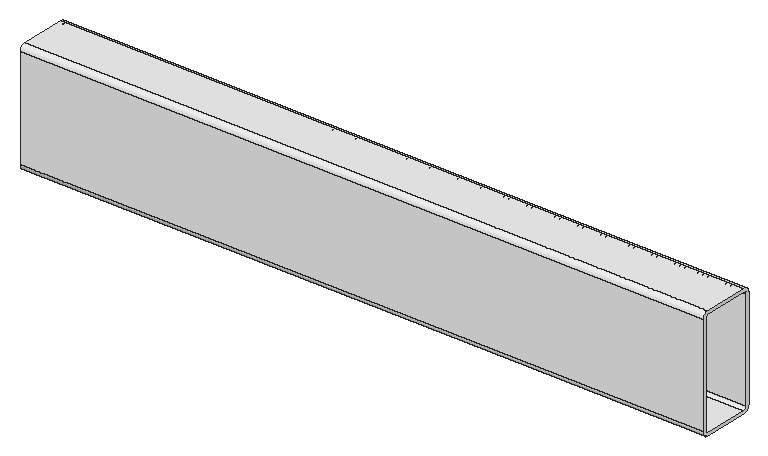
Revit family "RHS-Rectangular Hollow Section", category Structural Framing, Revit 2023
Family settings
  Structural Framing Length Roundoff = 0 mm
  Section Shape = Not Defined
  Material for Model Behavior = Steel
  Always export as geometry = No
  OmniClass Number = 23.25.30.11.14.14
  OmniClass Title = Beams
  Always vertical = Yes
  Cut with Voids When Loaded = No
  Symbolic Representation = From Project Settings
  Shared = No
  Show family pre-cut in plan views = Yes
Parameters (values of type "200x100x5RHS")
  Structural Material [instance] = Steel, 45-345
  Perimeter = 0
  Nominal Weight = 0.00 kgf/m
  Length [instance] = 1524 mm
  b = 100 mm
  h = 200 mm
  tr = 2 * t  # 10 mm
  t = 5 mm
  A = 28.70 m²
Reference planes
  plane 1 "Center (Front/Back)": y = 0
  plane 2: z = 0
  plane 3 "Center (Left/Right)": x = 4.61
  plane 4 "Member Left": x = -604.99
  plane 5 "Member Right": x = 614.21
  plane 6: y = 50
  plane 7: y = -50
  plane 8 "Top": z = 100
  plane 9: z = -100
  plane 10 "Left": x = -757.39
  plane 11 "Right": x = 766.61
Forms (mm)
  Sweep 1, solid, material "Steel, 45-345" <- "Structural Material", detail levels medium
    path origin (0, 0, 0) x (1, 0, 0) y (0, 1, 0)
      loop
        line (614.21, 0) -> (-604.99, 0)
    profile "M_Hollow-Structural-Section-Profile-Medium : M_Hollow-Structural-Section-Profile-Medium" origin (4.61, 0, 0) x (0, -1, 0) y (0, 0, 1)
      loop
        line (-45, 95) -> (-45, -95) -> (45, -95) -> (45, 95) -> (-45, 95)
      loop
        line (-50, -100) -> (50, -100) -> (50, 100) -> (-50, 100) -> (-50, -100)
  Sweep 2, solid, material "Steel, 45-345" <- "Structural Material", detail levels fine
    path origin (0, 0, 0) x (1, 0, 0) y (0, 1, 0)
      loop
        line (614.21, 0) -> (-604.99, 0)
    profile "M_Hollow-Structural-Section-Profile-Fine : M_Hollow-Structural-Section-Profile-Fine" origin (4.61, 0, 0) x (0, -1, 0) y (0, 0, 1)
      loop
        arc (-40, 95) -> (-43.536, 93.536) -> (-45, 90) r 5
        line (-45, 90) -> (-45, -90)
        arc (-45, -90) -> (-43.536, -93.536) -> (-40, -95) r 5
        line (-40, -95) -> (40, -95)
        arc (40, -95) -> (43.536, -93.536) -> (45, -90) r 5
        line (45, -90) -> (45, 90)
        arc (45, 90) -> (43.536, 93.536) -> (40, 95) r 5
        line (40, 95) -> (-40, 95)
      loop
        arc (-50, -90) -> (-47.071, -97.071) -> (-40, -100) r 10
        line (-40, -100) -> (40, -100)
        arc (40, -100) -> (47.071, -97.071) -> (50, -90) r 10
        line (50, -90) -> (50, 90)
        arc (50, 90) -> (47.071, 97.071) -> (40, 100) r 10
        line (40, 100) -> (-40, 100)
        arc (-40, 100) -> (-47.071, 97.071) -> (-50, 90) r 10
        line (-50, 90) -> (-50, -90)
Lines and regions (mm)
  symbolic lines, style "Hidden Faces", detail levels medium+fine
    curve 1: line (614.21, -45, 0) -> (-604.99, -45, 0)
    curve 2: line (614.21, 45, 0) -> (-604.99, 45, 0)
    curve 3: line (-604.99, 0, 95) -> (614.21, 0, 95)
    curve 4: line (-604.99, 0, -95) -> (614.21, 0, -95)
  symbolic lines, style "Stick Symbols", detail levels coarse
    curve 5: line (4.61, 50, 100) -> (4.61, -50, 100)
    curve 6: line (4.61, -50, 100) -> (4.61, -50, -100)
    curve 7: line (4.61, -50, -100) -> (4.61, 50, -100)
    curve 8: line (4.61, 50, -100) -> (4.61, 50, 100)
Dimensions and locks
  "b": plane 6 to plane 7
  "h": plane 9 to plane 8 "Top"
  equal spacing: plane 9, plane 2, plane 8 "Top"
  equal spacing: plane 6, plane 1 "Center (Front/Back)", plane 7
  "t": plane 6 to curve 2
  "t": curve 1 to plane 7
  "t": plane 8 "Top" to curve 3
  "t": curve 4 to plane 9
  "Length": plane 10 "Left" to plane 11 "Right"
  aligned and locked: plane 4 "Member Left" to curve 3
  aligned and locked: plane 5 "Member Right" to curve 3
  aligned and locked: plane 4 "Member Left" to curve 4
  aligned and locked: plane 5 "Member Right" to curve 4
  aligned and locked: Sweep 1 sketch curve to plane 1 "Center (Front/Back)"
  aligned and locked: Sweep 2 sketch curve to plane 1 "Center (Front/Back)"
  aligned and locked: curve 5 to Sweep 1
  aligned and locked: curve 6 to Sweep 1
  aligned and locked: curve 7 to Sweep 1
  aligned and locked: curve 8 to Sweep 1
  aligned and locked: plane 4 "Member Left" to Sweep 2 sketch curve
  aligned and locked: plane 5 "Member Right" to Sweep 2 sketch curve
  aligned and locked: plane 4 "Member Left" to Sweep 1 sketch curve
  aligned and locked: plane 5 "Member Right" to Sweep 1 sketch curve
  aligned and locked: plane 4 "Member Left" to curve 1
  aligned and locked: plane 4 "Member Left" to curve 2
  aligned and locked: plane 5 "Member Right" to curve 1
  aligned and locked: plane 5 "Member Right" to curve 2
